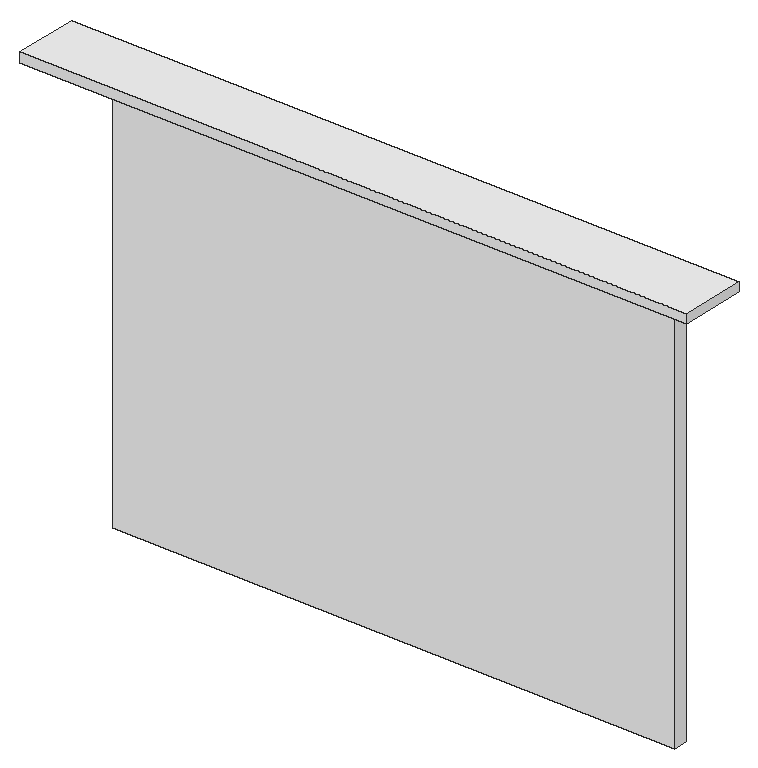
Revit family "LAMP_FIL 120 END COVER RECESSED", category Modelos genéricos, Revit 2018
Family settings
  Puede alojar armadura = No
  Cota de conector redondo = Diámetro de uso
  Tipo de pieza = Normal
  Se basa en plano de trabajo = No
  Siempre vertical = Sí
  Corte con vacíos al cargar = No
  Compartido = No
  Punto de cálculo de habitación = No
Parameters (values of type "WHITE")
  Material tapa = LAMP_Aluminio Perfil Fil BL
Types (3, lengths in mm): name | Material tapa
  (no name) | LAMP_Aluminio Perfil Fil BL
  GREY | LAMP_Aluminio Perfil Fil GR
  WHITE | LAMP_Aluminio Perfil Fil BL
Reference planes
  plane 1 "Centro (Frontal/Posterior)": y = 0
  plane 2: z = 0
  plane 3 "Centro (Izquierda/Derecha)": x = 0
Forms (mm)
  Extrusion 1, solid, material "LAMP_Aluminio Perfil Fil BL" <- "Material tapa"
    sketch origin (0, 0, 76.8) x (0, -1, 0) y (0, 0, -1)
      loop
        line (1.5, -13.2) -> (1.5, 76.8) -> (-1.5, 76.8) -> (-1.5, -15.2) -> (12.3, -15.2) -> (12.3, -13.2) -> (1.5, -13.2)
    from -71.3 to 71.3
  Extrusion 2, void
    sketch origin (0, 0, 0) x (1, 0, 0) y (0, 0, 1)
      loop
        line (72.3, 90) -> (60, 90) -> (60, 0) -> (72.3, 0) -> (72.3, 90)
    from -23.5 to 23.5
  Extrusion 3, void
    sketch origin (0, 0, 0) x (1, 0, 0) y (0, 0, 1)
      loop
        line (-72.3, 90) -> (-72.3, 0) -> (-60, 0) -> (-60, 90) -> (-72.3, 90)
    from -23.5 to 23.5
Cuts and joins
  Extrusion 2, Extrusion 3 cuts Extrusion 1
Dimensions and locks
  aligned and locked: level to plane 2
